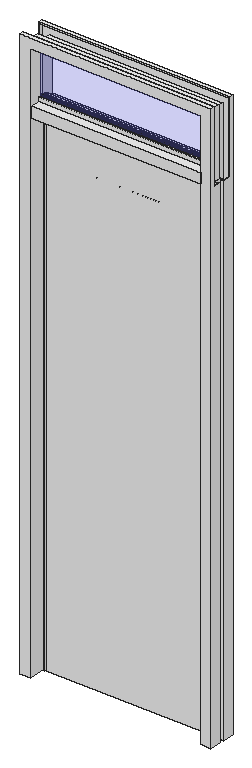
Revit family "kawneer-flushline_avl-sgl_tran-fr_20647", category Doors, host Wall, Revit 2015
Parameters
  Water - Static (ASTM E 331) = "product not tested"
  URL = "http://www.kawneer.com/kawneer/north_america/en/product.asp?prod_id=1820"
  Type of Glazing = "monolithic, insulating"
  Type Comments = "Foam-filled with Aluminum or FRP Face Sheets"
  Thermal Transmittance = "< 0.28 BTU/hr/sf/F"
  Sub Category3 = ""
  Sub Category2 = ""
  Sub Category1 = ""
  Sightline = 0"
  Short Description = "Foam-filled with Aluminum or FRP Face Sheets"
  Product data url = "https://bimobject.com/kawneerna/product/20635"
  Panel Inserts Material = none
  Overall U-Factor = "product not tested"
  Model = "Flushline®"
  Manufacturer Part Number = "Flushline®"
  Manufacturer = "Kawneer"
  Keywords = "Entrance, Door, Swing Door, FRP Skin Door, Aluminum Skin Door, Foam-filled Door"
  Hurricane Resistant Tested [instance] = "product not tested"
  Hinging Types = "Offset Pivot, Butt Hinge, Continuous Gear Hinge"
  Height = Door Panel Height + 12"  # 96"
  Wall Closure = By host
  Width = 32"
  Glazing Thickness = 0"
  Glass U-Factor = "product not tested"
  Glass Installtion = "cut outs for vision area, inside or outside"
  Glass Capture = "Captured"
  Function (Interior or Exterior) = "Exterior, Interior"
  Function = Interior
  Door Panel Width = Width - (1 3/4" * 2)  # 28 1/2"
  Door Panel Material = Aluminum - ASTM B 221 - 6063-T6 alloy and temper
  Door Panel Height = 84"
  Door Opening = Door Panel Width  # 28 1/2"
  Door Corner Construction = "Welded"
  Design Pressure = "n/a"
  Design Load = "n/a"
  Description = "The \"Flushline\" entrance is a polyurethane foam filled door with FRP or aluminum face sheets designed in various textures for interior or exterior use."
  Depth = 2"
  Color = "any"
  Cladding Type = "n/a"
  CSI Masterformat Code = "08 41 13"
  Assembly Code = "B2030110"
  Application = "moderate traffic, high traffic, impact areas"
  Air Infiltration (ASTM E 283) = "product not tested"
  2-Color Option = "no"
Reference planes
  plane 1 "Centre Wall": y = 0
  plane 2 "Center (Left/Right)": x = 0
  plane 3 "Left": x = -406.4
  plane 4 "Right": x = 406.4
  plane 5: z = 2438.4
  plane 6 "Exterior": y = 75
  plane 7 "Interior": y = -75
  plane 8: z = 2133.6
  plane 9: x = -361.9
  plane 10: x = 361.9
Forms (mm)
  Sweep 1, solid, material "Aluminum - ASTM B 221 - 6063-T6 alloy and temper" <- "Door Panel Material"
    path origin (0, 0, 0) x (1, 0, 0) y (0, 0, 1)
      loop
        line (406.4, 2133.6) -> (406.4, 0)
    profile "TF450Frame : TF450Frame" origin (406.4, 0, 1066.8) x (1, 0, 0) y (0, -1, 0)
      loop
        line (-54.5, -13.375) -> (-44.5, -13.375) -> (-44.5, -57.175) -> (0, -57.175) -> (0, -12.125) -> (-17.25, -12.125) -> (-17.25, 12.125) -> (0, 12.125) -> (0, 57.125) -> (-44.5, 57.125) -> (-44.5, -8.375) -> (-54.5, -8.375) -> (-54.5, -13.375)
      loop
        line (-5, -17.125) -> (-22.25, -17.125) -> (-22.25, 17.125) -> (-5, 17.125) -> (-5, 52.125) -> (-39.5, 52.125) -> (-39.5, -52.175) -> (-5, -52.175) -> (-5, -17.125)
  Sweep 2, solid, material "Aluminum - ASTM B 221 - 6063-T6 alloy and temper" <- "Door Panel Material"
    path origin (0, 0, 0) x (1, 0, 0) y (0, 0, 1)
      loop
        line (-406.4, 2133.6) -> (-406.4, 0)
    profile "TF450Frame : TF450Frame" origin (-406.4, 0, 1066.8) x (1, 0, 0) y (0, -1, 0)
      loop
        line (54.5, -13.375) -> (54.5, -8.375) -> (44.5, -8.375) -> (44.5, 57.125) -> (0, 57.125) -> (0, 12.125) -> (17.25, 12.125) -> (17.25, -12.125) -> (0, -12.125) -> (0, -57.175) -> (44.5, -57.175) -> (44.5, -13.375) -> (54.5, -13.375)
      loop
        line (5, -17.125) -> (5, -52.175) -> (39.5, -52.175) -> (39.5, 52.125) -> (5, 52.125) -> (5, 17.125) -> (22.25, 17.125) -> (22.25, -17.125) -> (5, -17.125)
  Sweep 3, solid, material "Aluminum - ASTM B 221 - 6063-T6 alloy and temper" <- "Door Panel Material"
    path origin (0, 0, 44.5) x (1, 0, 0) y (0, 0, 1)
      loop
        line (361.9, 2133.6) -> (-361.9, 2133.6)
    profile "TF450midFrame : TF450midFrame" origin (0, 0, 2178.1) x (0, 0, -1) y (0, -1, 0)
      loop
        line (5, 52.15) -> (5, -52.15) -> (39.5, -52.15) -> (39.5, 52.15) -> (5, 52.15)
      loop
        arc (-13.041, -8.796) -> (-14.742, -11.787) -> (-17.973, -12.971) r 5
        line (-17.973, -12.971) -> (-17.973, -14.55) -> (0, -14.55) -> (0, -5.272)
        arc (0, -5.272) -> (-6.307, -7.826) -> (-13.041, -8.796) r 28.226
      loop
        arc (-17.973, 10.971) -> (-14.973, 7.971) -> (-17.973, 4.971) r 3
        line (-17.973, 4.971) -> (-17.973, 3)
        arc (-17.973, 3) -> (-14.756, 4.043) -> (-12.781, 6.788) r 5.429
        arc (-12.781, 6.788) -> (-6.143, 5.7) -> (0, 2.959) r 26.226
        line (0, 2.959) -> (0, -2.959)
        arc (0, -2.959) -> (-6.143, -5.7) -> (-12.781, -6.788) r 26.226
        arc (-12.781, -6.788) -> (-14.756, -4.043) -> (-17.973, -3) r 5.429
        line (-17.973, -3) -> (-17.973, -4.971)
        arc (-17.973, -4.971) -> (-14.973, -7.971) -> (-17.973, -10.971) r 3
        line (-17.973, -10.971) -> (-19.973, -10.971) -> (-19.973, -17.05) -> (0, -17.05) -> (0, -57.15) -> (44.5, -57.15) -> (44.5, -13.35) -> (54.5, -13.35) -> (54.5, -8.35) -> (44.5, -8.35) -> (44.5, 57.15) -> (0, 57.15) -> (0, 17.05) -> (-19.973, 17.05) -> (-19.973, 10.971) -> (-17.973, 10.971)
      loop
        arc (-17.973, 12.971) -> (-14.742, 11.787) -> (-13.041, 8.796) r 5
        arc (-13.041, 8.796) -> (-6.307, 7.826) -> (0, 5.272) r 28.226
        line (0, 5.272) -> (0, 14.55) -> (-17.973, 14.55) -> (-17.973, 12.971)
  Sweep 4, solid, material "Aluminum - ASTM B 221 - 6063-T6 alloy and temper" <- "Door Panel Material"
    path origin (0, 0, 0) x (1, 0, 0) y (0, 0, 1)
      loop
        line (-406.4, 2133.6) -> (-406.4, 2438.4) -> (406.4, 2438.4) -> (406.4, 2133.6)
    profile "TF450TPFrame : TF450TPFrame" origin (406.4, 0, 2286) x (1, 0, 0) y (0, -1, 0)
      loop
        line (-39.5, 11) -> (-39.5, 52.125) -> (-5, 52.125) -> (-5, 42.125) -> (0, 42.125) -> (0, 57.125) -> (-44.5, 57.125) -> (-44.5, 6) -> (-27.25, 6) -> (-27.25, -6) -> (-44.5, -6) -> (-44.5, -57.175) -> (0, -57.175) -> (0, -42.175) -> (-5, -42.175) -> (-5, -52.175) -> (-39.5, -52.175) -> (-39.5, -11) -> (-22.25, -11) -> (-22.25, 11) -> (-39.5, 11)
  Extrusion 5, solid, material <- "Panel Inserts Material"
    sketch origin (0, 0, 0) x (1, 0, 0) y (0, 0, 1)
      loop
        line (379.15, 2411.15) -> (-379.15, 2411.15) -> (-379.15, 2178.1) -> (379.15, 2178.1) -> (379.15, 2411.15)
    from -6 to 6
Cuts and joins
  joined: Sweep 1, Sweep 2, Sweep 4
Lines and regions (mm)
  Opening 1
    outline origin (-3050, -75, 0) x (1, 0, 0) y (0, 0, 1)
      loop
        line (2643.6, 0) -> (3456.4, 0) -> (3456.4, 2438.4) -> (2643.6, 2438.4) -> (2643.6, 0)
  symbolic lines
    curve 1: line (-361.9, 781.075, 0) -> (-311.1, 781.075, 0)
    curve 2: line (-361.9, 57.175, 0) -> (-361.9, 781.075, 0)
    curve 3: line (-311.1, 57.175, 0) -> (-361.9, 57.175, 0)
    curve 4: line (-311.1, 781.075, 0) -> (-311.1, 57.175, 0)
    curve 5: arc (-311.1, 781.075, 0) -> (168.668, 552.26, 0) -> (363.78, 57.825, 0) r 725.68
Text (mm)
  text "Exterior" at (-2295.016, 1099.543, 0), in view "Ref. Level"
  text "Exterior" at (0, 1615.38, 3698.081), in view "Left"
  text "Exterior" at (0, 1036.032, 3874.932), in view "Right"
Dimensions and locks
  equal spacing: plane 3 "Left", plane 2 "Center (Left/Right)", plane 4 "Right"
  "Width": plane 3 "Left" to plane 4 "Right"
  "Height": plane 5 to host wall
  host wall to plane 5 = 96"
  "Door Panel Height": host wall to plane 8
  locked: plane 6 "Exterior" to host wall at 0
  locked: plane 7 "Interior" to host wall
  "Depth": curve 2 to curve 4
  "Door Panel Width": cut or joined group of Sweep 1, Sweep 2, Sweep 4 to curve 1
  aligned and locked: plane 3 "Left" to Opening 1 sketch curve
  aligned and locked: plane 5 to Opening 1 sketch curve  (x2)
  aligned and locked: Opening 1 sketch curve to plane 4 "Right"
  aligned and locked: Opening 1 sketch curve to level
  aligned and locked: plane 1 "Centre Wall" to host wall
  aligned and locked: plane 8 to Sweep 1 sketch curve
  aligned and locked: level to Sweep 1 sketch curve
  aligned and locked: plane 8 to Sweep 2 sketch curve
  aligned and locked: level to Sweep 2 sketch curve
  aligned and locked: plane 10 to Sweep 3 sketch curve
  aligned and locked: plane 9 to Sweep 3 sketch curve
  aligned and locked: plane 8 to Sweep 4 sketch curve  (x2)
  aligned and locked: plane 5 to Sweep 4 sketch curve
  aligned and locked: Sweep 4 sketch curve to plane 3 "Left"
  aligned and locked: Sweep 4 sketch curve to plane 4 "Right"
  aligned and locked: Extrusion 5 to cut or joined group of Sweep 1, Sweep 2, Sweep 4  (x5)
  aligned and locked: Extrusion 5 to Sweep 3
  aligned and locked: nested 1 to plane 2 "Center (Left/Right)"
  aligned and locked: nested 1 to cut or joined group of Sweep 1, Sweep 2, Sweep 4
  aligned and locked: plane 9 to curve 2
  aligned and locked: cut or joined group of Sweep 1, Sweep 2, Sweep 4 to curve 3
  aligned and locked: nested 1 to curve 5
Automatic sketch dimensions
  Sweep 2 sketch curve to plane 3 "Left" = 0"
  Sweep 1 sketch curve to plane 4 "Right" = 0"
  plane 8 to Sweep 3 sketch curve = 1.75197"
  Extrusion 5 sketch curve to plane 9 = 0.67913"
  Extrusion 5 sketch curve to plane 10 = 0.67913"
  plane 8 to Extrusion 5 sketch curve = 1.75197"
  plane 5 to Extrusion 5 sketch curve = 1.07283"
  curve 5 to plane 9 = 0"
  curve 5 to curve 2 = 0"
Nested families
  nested 1: "Kawneer-Flushline_AVL-Sgl" at (-38.1, 35.6, 0) x (-1, 0, 0) z (0, 0, 1), type "Kawneer-Flushline_AVL-Sgl"
    with Width 28 1/2"
Definition of nested family "Kawneer-Flushline_AVL-Sgl"
  Parameters
    Width = 32"
    VL Height = Height - 7"  # 77"
    Panel Inserts Material = none
    Height = 84"
    Door Panel Material = none
    Door Handle Width = 2"
    Door Handle Height = 33 1/8"
    Depth = 1 3/4"
  Reference planes
    plane 1 "Center (Front/Back)": y = 0
    plane 2: z = 0
    plane 3 "Center (Left/Right)": x = -38.1
    plane 4: x = -444.5
    plane 5: x = 368.3
    plane 6: y = -22.225
    plane 7: y = 22.225
    plane 8: z = 2133.6
    plane 9: z = 841.375
    plane 10: x = -393.7
    plane 11: z = 1955.8
    plane 12: x = -190.5
    plane 13: x = 114.3
    plane 14: z = 1651
  Forms (mm)
    Extrusion 1, solid, material <- "Door Panel Material"
      sketch origin (0, 0, 0) x (1, 0, 0) y (0, 0, 1)
        loop
          line (-444.5, 2133.6) -> (-444.5, 0) -> (368.3, 0) -> (368.3, 2133.6) -> (-444.5, 2133.6)
      from -22.225 to 22.225
    Extrusion 2, void
      sketch origin (0, 0, 0) x (1, 0, 0) y (0, 0, 1)
        loop
          line (-190.5, 1955.8) -> (-190.5, 1651) -> (114.3, 1651) -> (114.3, 1955.8) -> (-190.5, 1955.8)
      from 0 to 304.8
    Sweep 3, solid, material <- "Door Panel Material"
      path origin (0, 0, 0) x (1, 0, 0) y (0, 0, 1)
        loop
          line (-190.5, 1955.8) -> (-190.5, 1651) -> (114.3, 1651) -> (114.3, 1955.8) -> (-190.5, 1955.8)
      profile "EAClad : EAClad" origin (-190.5, 0, 1803.4) x (1, 0, 0) y (0, -1, 0)
        loop
          line (10.711, 3) -> (13.211, 3) -> (13.211, 8.361) -> (16.672, 4.9) -> (16, 4.228) -> (16, 3) -> (21, 3) -> (7.5, 16.9) -> (0, 16.9) -> (0, -16.9) -> (7.5, -16.9) -> (21, -3) -> (16, -3) -> (16, -4.228) -> (16.672, -4.9) -> (13.211, -8.361) -> (13.211, -3) -> (10.711, -3) -> (10.711, -10.861) -> (7.5, -14.072) -> (7.5, -11.9) -> (2.5, -11.9) -> (2.5, 11.9) -> (7.5, 11.9) -> (7.5, 14.072) -> (10.711, 10.861) -> (10.711, 3)
    Extrusion 4, solid, material <- "Panel Inserts Material"
      sketch origin (-38.1, 0, 0) x (0, 1, 0) y (0, 0, 1)
        loop
          line (3, 1945.089) -> (-3, 1945.089) -> (-3, 1661.711) -> (3, 1661.711) -> (3, 1945.089)
      from -141.689 to 141.689
  Cuts and joins
    Extrusion 2 cuts Extrusion 1
  Dimensions and locks
    equal spacing: plane 6, plane 1 "Center (Front/Back)", plane 7
    "Depth": plane 6 to plane 7
    equal spacing: plane 4, plane 3 "Center (Left/Right)", plane 5
    "Width": plane 4 to plane 5
    "Height": plane 8 to level
    "Door Handle Height": plane 9 to level
    "Door Handle Width": plane 10 to plane 4
    "VL Height": plane 11 to level
    locked: plane 11 to plane 14 at 304.8
    equal spacing: plane 13, plane 3 "Center (Left/Right)", plane 12, locked at 152.4 each
    aligned and locked: plane 4 to Extrusion 1 sketch curve
    aligned and locked: Extrusion 1 sketch curve to plane 8
    aligned and locked: plane 2 to Extrusion 1 sketch curve
    aligned and locked: Extrusion 1 sketch curve to plane 5
    aligned and locked: Extrusion 1 to plane 7
    aligned and locked: Extrusion 1 to plane 6
    aligned and locked: plane 9 to nested 1
    aligned and locked: nested 1 to plane 6
    aligned and locked: plane 10 to nested 1
    aligned and locked: plane 12 to Extrusion 2 sketch curve
    aligned and locked: Extrusion 2 sketch curve to plane 11
    aligned and locked: plane 14 to Extrusion 2 sketch curve
    aligned and locked: Extrusion 2 sketch curve to plane 13
    aligned and locked: Sweep 3 sketch curve to plane 12
    aligned and locked: Sweep 3 sketch curve to plane 11
    aligned and locked: Sweep 3 sketch curve to plane 13
    aligned and locked: Sweep 3 sketch curve to plane 14
    aligned and locked: Extrusion 4 sketch curve to Sweep 3  (x4)
    aligned and locked: Extrusion 4 to Sweep 3  (x2)
  Nested families
    nested 1: "Style CO 9 Pull" at (-431.734, -22.225, 612.775), type "Style CO 9 Pull"
  Definition of nested family "Style CO 9 Pull"
    Parameters
      Width = 1.1811"
      Height = 9"
      Hangle Material = none
      Depth = 1.1811"
    Reference planes
      plane 1 "Center (Front/Back)": y = 0
      plane 2: z = 0
      plane 3 "Center (Left/Right)": x = 53.034
      plane 4: y = -30
      plane 5: x = 38.034
      plane 6: x = 68.034
      plane 7: x = 46.034
      plane 8 "Top": z = 228.6
      plane 9: x = 60.034
      plane 10: z = 220.6
      plane 11: z = 8
    Forms (mm)
      Sweep 1, solid, material <- "Hangle Material"
        path origin (0, 0, 0) x (1, 0, 0) y (0, 1, 0)
          loop
            line (38.034, 0) -> (38.034, -23)
            arc (38.034, -23) -> (40.085, -27.95) -> (45.034, -30) r 7
            line (45.034, -30) -> (60.034, -30)
        profile origin (38.034, -11.5, 0) x (1, 0, 0) y (0, 0, 1)
          loop
            circle (0, 0) r 5
      Sweep 2, solid, material <- "Hangle Material"
        path origin (0, 0, 228.6) x (-1, 0, 0) y (0, -1, 0)
          loop
            line (-38.034, 0) -> (-38.034, 23)
            arc (-38.034, 23) -> (-40.085, 27.95) -> (-45.034, 30) r 7
            line (-45.034, 30) -> (-60.034, 30)
        profile origin (38.034, -11.5, 228.6) x (1, 0, 0) y (0, 0, 1)
          loop
            circle (0, 0) r 5
      Sweep 3, solid, material <- "Hangle Material"
        path origin (-1540.712, -30, 1200) x (-1, 0, 0) y (0, 0, 1)
          loop
            arc (-1600.747, -1200) -> (-1606.404, -1197.657) -> (-1608.747, -1192) r 8
            line (-1608.747, -1192) -> (-1608.747, -979.4)
            arc (-1608.747, -979.4) -> (-1606.404, -973.743) -> (-1600.747, -971.4) r 8
        profile origin (68.034, -30, 114.3) x (1, 0, 0) y (0, 1, 0)
          loop
            circle (0, 0) r 5
    Cuts and joins
      joined: Sweep 1, Sweep 2, Sweep 3
    Dimensions and locks
      "Depth": plane 4 to plane 1 "Center (Front/Back)"
      equal spacing: plane 5, plane 3 "Center (Left/Right)", plane 6
      locked: plane 5 to plane 7 at 8
      "Width": plane 5 to plane 6
      "Height": plane 8 "Top" to level
      locked: plane 9 to plane 6 at 8
      locked: level to plane 11 at 8
      locked: plane 10 to plane 8 "Top" at 8
      aligned and locked: Sweep 1 sketch curve to plane 5
      aligned and locked: Sweep 1 sketch curve to plane 4
      aligned and locked: plane 1 "Center (Front/Back)" to Sweep 1 sketch curve
      aligned and locked: plane 9 to Sweep 1 sketch curve
      aligned and locked: Sweep 2 sketch curve to plane 5
      aligned and locked: Sweep 2 sketch curve to plane 4
      aligned and locked: plane 1 "Center (Front/Back)" to Sweep 2 sketch curve
      aligned and locked: plane 9 to Sweep 2 sketch curve
      aligned and locked: plane 6 to Sweep 3 sketch curve  (x2)
      aligned and locked: plane 10 to Sweep 3 sketch curve
      aligned and locked: plane 11 to Sweep 3 sketch curve
      aligned and locked: plane 9 to Sweep 3 sketch curve  (x2)
      aligned and locked: plane 8 "Top" to Sweep 3 sketch curve
      aligned and locked: level to Sweep 3 sketch curve
      aligned and locked: plane 4 to Sweep 3 sketch curve
    Automatic sketch dimensions
      Sweep 1 sketch curve to plane 7 = 0.03937"
      Sweep 1 sketch curve to level = 0"
      Sweep 1 sketch curve to profile plane = 0"
      Sweep 2 sketch curve to plane 7 = 0.03937"
      Sweep 2 sketch curve to plane 8 "Top" = 0"
      Sweep 2 sketch curve to profile plane = 0"
      radius of Sweep 1 sketch curve = 0.19685"
      radius of Sweep 2 sketch curve = 0.19685"
      radius of Sweep 3 sketch curve = 0.19685"
